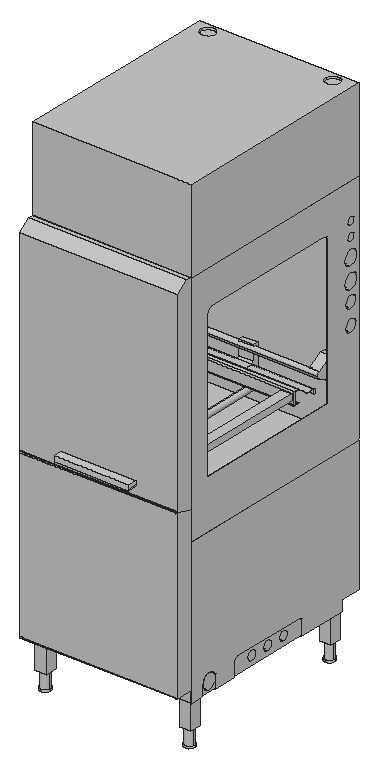
Revit family "QF_ELECTROLUXPROFESSIONAL_535131_NMPWDRE6M", category Specialty Equipment, Revit 2018
Family settings
  Round Connector Dimension = Use Diameter
  Part Type = Normal
  Work Plane-Based = No
  Always vertical = Yes
  Cut with Voids When Loaded = No
  Shared = No
  Room Calculation Point = No
Parameters (values of type "NMPWDRE5")
  Weight = 104.00 kg
  Watts = 0 W
  Volts = 0 V
  URL Manufacturer = ""
  URL = "http://professional.electrolux.com"
  Steam Supply Size = 0 mm
  Steam Supply Minimum Pressure = 0.0 Pa
  Steam Supply Maximum Pressure = 0.0 Pa
  Steam Pounds per Hour = 0
  Show Logo [instance] = yes
  Refrigeration Suction Line Size = 0 mm
  Refrigeration Liquid Line Size = 0 mm
  Refrigerant Compressor Remote = yes
  R_L [instance] = not(L_R)  # no
  Manufacturer = "Electrolux"
  Phase = 0
  Model = "ESR10E5"
  Length Actual = 560 mm  # constant formula
  Show Clearance [instance] = yes
  L_R [instance] = yes
  Item Number = ""
  Hot Water Size = 0 mm
  Height Actual = 1785 mm  # constant formula
  HP = "9.9 HP"
  Gas Size = 0 mm
  Gas KW = 0
  Gas Input Pressure = 0 W
  Direct Waste Size = 50 mm
  Description = "SINGLE RINSE RT, 100R/H, ELECTRIC 50HZ"
  Depth Actual = 825 mm  # constant formula
  DRAIN [instance] = if(L_R, 0 mm, 638 mm)  # 0 mm
  Cycle = 0 Hz
  Condensate Return Size = 0 mm
  Compressed Air Volume = 0.0 L/s
  Compressed Air Size = 0 mm
  Compressed Air Pressure = 0.0 Pa
  Cold Water Size = 0 mm
  Accessory = yes
Types (2, lengths in mm): name | Volts | URL Manufacturer | URL | Manufacturer | Phase | Model | Item Number | Hot Water Size | Description | Cycle | Cold Water Size
  NMPWDRE5 | 0 V | "" | "http://professional.electrolux.com" | "Electrolux" | 0 | "ESR10E5" | "" | 0 | "SINGLE RINSE RT, 100R/H, ELECTRIC 50HZ" | 0 Hz | 0
  Standard | 440 V | "http://professional.electrolux.com/" | "http://professional.electrolux.com/" | "Electrolux Professional" | 3 | "NMPWDRE6M" | "535131" | 19.05 | "MEDIUM PRE-WASH MODULE, DUAL RINSE RT, ELECTRIC, 440V/ 3/ 60Hz-MARINE" | 60 Hz | 19.05
Reference planes
  plane 1 "Center X": y = -16.742
  plane 2: z = 0
  plane 3 "1": x = -383.563
  plane 4 "2": x = 176.437
  plane 5 "BACK": y = 388.258
  plane 6 "FEET": z = 150
  plane 7: z = 2095
  plane 8 "BASE": z = 187
  plane 9 "TOP": z = 1785
  plane 10 "FRONT": y = -408.742
  plane 11: y = 311.258
  plane 12 "LEFT": x = -423.563
  plane 13 "RIGHT": x = 216.437
  plane 14 "DRAIN": x = -423.563
Forms (mm)
  Extrusion 1, solid, material "QF_Finishes_Stainless Steel"
    sketch origin (176.437, 479.936, 4000) x (0, 1, 0) y (0, 0, 1)
      loop
        line (-96.678, -2215) -> (-828.678, -2215) -> (-828.678, -2507) -> (-96.678, -2507) -> (-96.678, -2215)
    from -560 to 0
  Extrusion 2, solid, material "QF_Finishes_Stainless Steel"
    sketch origin (-383.563, 437.565, 4000) x (0, 1, 0) y (0, 0, 1)
      loop
        line (-54.307, -2507) -> (-786.307, -2507) -> (-786.307, -3850) -> (-126.307, -3850) -> (-126.307, -3812) -> (-54.307, -3812) -> (-54.307, -2507)
      loop
        line (-129.307, -2557) -> (-769.307, -2557) -> (-769.307, -3290) -> (-129.307, -3290) -> (-129.307, -2557)
    from 557 to 3
  Extrusion 3, solid, material "QF_Finishes_Stainless Steel"
    sketch origin (-383.563, 437.565, 4000) x (0, 1, 0) y (0, 0, 1)
      loop
        line (-59.307, -3342) -> (-781.307, -3342)
        arc (-781.307, -3342) -> (-784.843, -3343.464) -> (-786.307, -3347) r 5
        line (-786.307, -3347) -> (-786.307, -3850) -> (-741.307, -3850) -> (-741.307, -3813)
        arc (-741.307, -3813) -> (-711.307, -3783) -> (-681.307, -3813) r 30
        line (-681.307, -3813) -> (-681.307, -3850) -> (-602.807, -3850) -> (-602.807, -3803)
        arc (-602.807, -3803) -> (-598.414, -3792.393) -> (-587.807, -3788) r 15
        line (-587.807, -3788) -> (-317.807, -3788)
        arc (-317.807, -3788) -> (-307.201, -3792.393) -> (-302.807, -3803) r 15
        line (-302.807, -3803) -> (-302.807, -3850) -> (-126.307, -3850) -> (-126.307, -3812) -> (-54.307, -3812) -> (-54.307, -3347)
        arc (-54.307, -3347) -> (-55.772, -3343.464) -> (-59.307, -3342) r 5
    from 0 to 3
  Extrusion 4, solid, material "QF_Finishes_Stainless Steel"
    sketch origin (176.437, 479.936, 4000) x (0, 1, 0) y (0, 0, 1)
      loop
        line (-96.678, -2507) -> (-828.678, -2507) -> (-828.678, -3335)
        arc (-828.678, -3335) -> (-827.214, -3338.536) -> (-823.678, -3340) r 5
        line (-823.678, -3340) -> (-101.678, -3340)
        arc (-101.678, -3340) -> (-98.142, -3338.536) -> (-96.678, -3335) r 5
        line (-96.678, -3335) -> (-96.678, -2507)
      loop
        line (-248.879, -2635) -> (-744.477, -2635)
        arc (-744.477, -2635) -> (-756.64, -2640.038) -> (-761.678, -2652.201) r 17.201
        line (-761.678, -2652.201) -> (-761.678, -3167.258) -> (-231.678, -3167.258) -> (-231.678, -2652.201)
        arc (-231.678, -2652.201) -> (-236.716, -2640.038) -> (-248.879, -2635) r 17.201
    from -3 to 0
  Extrusion 5, solid, material "QF_Finishes_Stainless Steel"
    sketch origin (176.437, 479.936, 4000) x (0, 1, 0) y (0, 0, 1)
      loop
        line (-101.678, -3342) -> (-823.678, -3342)
        arc (-823.678, -3342) -> (-827.214, -3343.464) -> (-828.678, -3347) r 5
        line (-828.678, -3347) -> (-828.678, -3850) -> (-783.678, -3850) -> (-783.678, -3813)
        arc (-783.678, -3813) -> (-753.678, -3783) -> (-723.678, -3813) r 30
        line (-723.678, -3813) -> (-723.678, -3850) -> (-645.178, -3850) -> (-645.178, -3803)
        arc (-645.178, -3803) -> (-640.785, -3792.393) -> (-630.178, -3788) r 15
        line (-630.178, -3788) -> (-360.178, -3788)
        arc (-360.178, -3788) -> (-349.571, -3792.393) -> (-345.178, -3803) r 15
        line (-345.178, -3803) -> (-345.178, -3850) -> (-168.678, -3850) -> (-168.678, -3812) -> (-96.678, -3812) -> (-96.678, -3347)
        arc (-96.678, -3347) -> (-98.142, -3343.464) -> (-101.678, -3342) r 5
    from -3 to 0
  Extrusion 6, void
    sketch origin (0, 0, 1785) x (1, 0, 0) y (0, -1, 0)
      loop
        circle (-323.563, -347.258) r 25
    from 0 to 5
  Extrusion 7, solid, material "QF_Finishes_Stainless Steel"
    sketch origin (-383.563, 437.565, 4000) x (0, 1, 0) y (0, 0, 1)
      loop
        circle (-89.376, -2635.001) r 12
      loop
        circle (-89.376, -2685.001) r 12
      loop
        circle (-89.376, -2750.001) r 25
      loop
        circle (-89.376, -2825.001) r 25
      loop
        circle (-89.376, -2890.001) r 20
      loop
        circle (-89.376, -2965.001) r 20
    from 0 to 3
  Extrusion 8, void
    sketch origin (-383.563, 437.565, 4000) x (0, 1, 0) y (0, 0, 1)
      loop
        circle (-89.376, -2635.001) r 14
      loop
        circle (-89.376, -2685.001) r 14
      loop
        circle (-89.376, -2750.001) r 27
      loop
        circle (-89.376, -2825.001) r 27
      loop
        circle (-89.376, -2890.001) r 22
      loop
        circle (-89.376, -2965.001) r 22
    from 0 to 3
  Extrusion 9, solid, material "QF_Finishes_Stainless Steel"
    sketch origin (-383.563, 437.565, 4000) x (0, 1, 0) y (0, 0, 1)
      loop
        circle (-454.307, -3813) r 15
      loop
        circle (-524.307, -3813) r 15
      loop
        circle (-384.307, -3813) r 15
    from 0 to 3
  Extrusion 10, solid, material "QF_Finishes_Stainless Steel"
    sketch origin (-383.563, 437.565, 4000) x (0, 1, 0) y (0, 0, 1)
      loop
        circle (-711.307, -3813) r 25
    from 0 to 3
  Extrusion 11, solid, material "QF_Finishes_Stainless Steel"
    sketch origin (176.437, 479.936, 4000) x (0, 1, 0) y (0, 0, 1)
      loop
        circle (-496.678, -3813) r 15
      loop
        circle (-566.678, -3813) r 15
      loop
        circle (-426.678, -3813) r 15
    from 0 to -3
  Extrusion 12, solid, material "QF_Finishes_Stainless Steel"
    sketch origin (176.437, 479.936, 4000) x (0, 1, 0) y (0, 0, 1)
      loop
        circle (-753.678, -3813) r 25
    from 0 to -3
  Extrusion 13, solid, material "QF_Finishes_Stainless Steel"
    sketch origin (-383.563, 437.565, 4000) x (0, 1, 0) y (0, 0, 1)
      loop
        line (-54.307, -2507) -> (-786.307, -2507) -> (-786.307, -3335)
        arc (-786.307, -3335) -> (-784.843, -3338.536) -> (-781.307, -3340) r 5
        line (-781.307, -3340) -> (-59.307, -3340)
        arc (-59.307, -3340) -> (-55.772, -3338.536) -> (-54.307, -3335) r 5
        line (-54.307, -3335) -> (-54.307, -2507)
      loop
        line (-206.509, -2635) -> (-702.106, -2635)
        arc (-702.106, -2635) -> (-714.269, -2640.038) -> (-719.307, -2652.201) r 17.201
        line (-719.307, -2652.201) -> (-719.307, -3167.258) -> (-189.307, -3167.258) -> (-189.307, -2652.201)
        arc (-189.307, -2652.201) -> (-194.345, -2640.038) -> (-206.509, -2635) r 17.201
    from 3 to 0
  Extrusion 14, void
    sketch origin (176.437, 479.936, 4000) x (0, -1, 0) y (0, 0, 1)
      loop
        circle (131.746, -2635.001) r 14
      loop
        circle (131.746, -2685.001) r 14
      loop
        circle (131.746, -2750.001) r 27
      loop
        circle (131.746, -2825.001) r 27
      loop
        circle (131.746, -2890.001) r 22
      loop
        circle (131.746, -2965.001) r 22
    from 0 to 2
  Extrusion 15, solid, material "QF_Finishes_Stainless Steel"
    sketch origin (176.437, 479.936, 4000) x (0, 1, 0) y (0, 0, 1)
      loop
        circle (-131.746, -2635.001) r 12
      loop
        circle (-131.746, -2685.001) r 12
      loop
        circle (-131.746, -2750.001) r 25
      loop
        circle (-131.746, -2825.001) r 25
      loop
        circle (-131.746, -2890.001) r 20
      loop
        circle (-131.746, -2965.001) r 20
    from 0 to -2
  Extrusion 16, solid, material "QF_Finishes_Stainless Steel", visible <- "L_R"
    sketch origin (-383.563, 437.565, 4000) x (0, 1, 0) y (0, 0, 1)
      loop
        circle (-711.307, -3813) r 25
    from 0 to -38
  Extrusion 17, solid, material "QF_Finishes_Stainless Steel", visible <- "R_L"
    sketch origin (176.437, 479.936, 4000) x (0, 1, 0) y (0, 0, 1)
      loop
        circle (-753.678, -3813) r 25
    from 0 to 38
  Extrusion 18, solid, material "QF_Finishes_Stainless Steel"
    sketch origin (-423.563, 0, 0) x (0, 1, 0) y (0, 0, 1)
      loop
        circle (-273.742, 187) r 25
    from 0 to 2
  Extrusion 19, void
    sketch origin (0, 0, 1785) x (1, 0, 0) y (0, -1, 0)
      loop
        circle (114.437, -347.258) r 25
    from 0 to 5
  Extrusion 20, solid, material "QF_Clearance", detail levels coarse
    sketch origin (556.437, -74.242, 0) x (1, 0, 0) y (0, 1, 0)
      loop
        line (-940, 462.5) -> (-380, 462.5) -> (-380, 512.5) -> (-940, 512.5) -> (-940, 462.5)
    from -100 to 1785
Cuts and joins
  Extrusion 6, Extrusion 19 cuts Extrusion 1
  Extrusion 6, Extrusion 14, Extrusion 19 cuts Extrusion 2
  Extrusion 8, Extrusion 14 cuts Extrusion 13
  Extrusion 14 cuts Extrusion 7
  Extrusion 14 cuts Extrusion 4
Lines and regions (mm)
  symbolic lines
    curve 1: line (-383.563, 383.258, 0) -> (176.437, 383.258, 0)
    curve 2: line (-383.563, -348.742, 0) -> (-383.563, 383.258, 0)
    curve 3: line (176.437, -348.742, 0) -> (-383.563, -348.742, 0)
    curve 4: line (176.437, 383.258, 0) -> (176.437, -348.742, 0)
    curve 7: circle (-323.563, 347.258, 0) r 25 normal (0, 0, 1)
    curve 8: line (-383.563, 383.258, 0) -> (176.437, -348.742, 0)
    curve 15: line (-383.563, -16.742, 0) -> (-358.563, -16.742, 0)
    curve 16: line (176.437, -16.742, 0) -> (151.437, -16.742, 0)
    curve 17: circle (114.437, 347.258, 0) r 25 normal (0, 0, -1)
  symbolic lines, style "SpecialityEquipment"
    curve 5: line (176.437, -281.742, 0) -> (-383.563, -281.742, 0)
    curve 6: line (-383.563, 308.258, 0) -> (176.437, 308.258, 0)
  symbolic lines, style "SpecialityEquipmentHiddenLines", visible <- "L_R"
    curve 9: line (-423.563, -248.742, 0) -> (-423.563, -298.742, 0)
    curve 10: line (-423.563, -248.742, 0) -> (-383.563, -248.742, 0)
    curve 11: line (-423.563, -298.742, 0) -> (-383.563, -298.742, 0)
  symbolic lines, style "SpecialityEquipmentHiddenLines", visible <- "R_L"
    curve 12: line (216.437, -298.742, 0) -> (216.437, -248.742, 0)
    curve 13: line (216.437, -248.742, 0) -> (176.437, -248.742, 0)
    curve 14: line (216.437, -298.742, 0) -> (176.437, -298.742, 0)
  symbolic lines, style "QF_Clearances"
    curve 18: line (-383.563, 438.258, 0) -> (176.437, 438.258, 0)
Dimensions and locks
  plane 3 "1" to plane 4 "2" = 560 mm
  plane 5 "BACK" to plane 1 "Center X" to plane 10 "FRONT" = 405 mm, 392 mm
  plane 6 "FEET" to level = 150 mm
  Extrusion 3 to plane 3 "1" = 3 mm
  plane 4 "2" to Extrusion 5 = 3 mm
  plane 6 "FEET" to plane 9 "TOP" = 1635 mm
  plane 5 "BACK" to plane 10 "FRONT" = 797 mm  (x2)
  plane 3 "1" to Extrusion 6 sketch curve = 60 mm
  plane 5 "BACK" to Extrusion 6 sketch curve = 41 mm
  plane 4 "2" to plane 3 "1" = 560 mm
  nested 1 to nested 4 to nested 4 to nested 4 = 732 mm, 60 mm, 30 mm
  "DRAIN": plane 12 "LEFT" to plane 14 "DRAIN"
  aligned and locked: level to plane 2
Automatic sketch dimensions
  plane 9 "TOP" to Extrusion 1 sketch curve = 0 mm
  plane 10 "FRONT" to Extrusion 1 sketch curve = 60 mm
  Extrusion 1 sketch curve to plane 5 "BACK" = 5 mm
  Extrusion 1 sketch curve to Extrusion 1 sketch curve = 292 mm
  Extrusion 2 sketch curve to plane 6 "FEET" = 0 mm
  Extrusion 2 sketch curve to plane 11 = 0 mm
  plane 11 to Extrusion 2 sketch curve = 3 mm
  plane 10 "FRONT" to Extrusion 2 sketch curve = 77 mm
  Extrusion 2 sketch curve to Extrusion 2 sketch curve = 17 mm
  plane 8 "BASE" to Extrusion 2 sketch curve = 1 mm
  Extrusion 2 sketch curve to plane 5 "BACK" = 5 mm
  Extrusion 2 sketch curve to Extrusion 2 sketch curve = 522 mm
  plane 9 "TOP" to Extrusion 2 sketch curve = 342 mm
  Extrusion 2 sketch curve to Extrusion 2 sketch curve = 50 mm
  Extrusion 3 sketch curve to plane 6 "FEET" = 0 mm  (x3)
  Extrusion 3 sketch curve to plane 8 "BASE" = 0 mm
  Extrusion 3 sketch curve to plane 11 = 0 mm
  plane 8 "BASE" to Extrusion 3 sketch curve = 10 mm  (x2)
  Extrusion 3 sketch curve to plane 1 "Center X" = 151.5 mm
  Extrusion 3 sketch curve to Extrusion 3 sketch curve = 15 mm
  plane 1 "Center X" to Extrusion 3 sketch curve = 133.5 mm
  Extrusion 3 sketch curve to Extrusion 3 sketch curve = 78.5 mm
  Extrusion 3 sketch curve to Extrusion 3 sketch curve = 30 mm
  plane 10 "FRONT" to Extrusion 3 sketch curve = 65 mm
  Extrusion 3 sketch curve to Extrusion 3 sketch curve = 5 mm
  Extrusion 3 sketch curve to plane 5 "BACK" = 10 mm
  Extrusion 3 sketch curve to plane 5 "BACK" = 5 mm
  plane 8 "BASE" to Extrusion 3 sketch curve = 1 mm
  Extrusion 3 sketch curve to Extrusion 3 sketch curve = 465 mm
  plane 10 "FRONT" to Extrusion 4 sketch curve = 60 mm
  Extrusion 4 sketch curve to Extrusion 4 sketch curve = 5 mm
  plane 10 "FRONT" to Extrusion 4 sketch curve = 127 mm
  Extrusion 4 sketch curve to Extrusion 4 sketch curve = 17.201 mm  (x2)
  plane 11 to Extrusion 4 sketch curve = 80.201 mm
  plane 11 to Extrusion 4 sketch curve = 63 mm
  Extrusion 4 sketch curve to plane 5 "BACK" = 10 mm
  Extrusion 4 sketch curve to plane 5 "BACK" = 5 mm
  plane 8 "BASE" to Extrusion 4 sketch curve = 473 mm
  Extrusion 4 sketch curve to Extrusion 4 sketch curve = 167.742 mm
  plane 9 "TOP" to Extrusion 4 sketch curve = 437.201 mm
  Extrusion 4 sketch curve to Extrusion 4 sketch curve = 0 mm
  Extrusion 4 sketch curve to Extrusion 4 sketch curve = 145.201 mm
  Extrusion 5 sketch curve to plane 6 "FEET" = 0 mm  (x3)
  Extrusion 5 sketch curve to plane 8 "BASE" = 0 mm
  Extrusion 5 sketch curve to plane 11 = 0 mm
  plane 8 "BASE" to Extrusion 5 sketch curve = 10 mm  (x2)
  Extrusion 5 sketch curve to plane 1 "Center X" = 151.5 mm
  Extrusion 5 sketch curve to Extrusion 5 sketch curve = 15 mm
  plane 1 "Center X" to Extrusion 5 sketch curve = 133.5 mm
  Extrusion 5 sketch curve to Extrusion 5 sketch curve = 78.5 mm
  Extrusion 5 sketch curve to Extrusion 5 sketch curve = 30 mm
  plane 10 "FRONT" to Extrusion 5 sketch curve = 65 mm
  Extrusion 5 sketch curve to Extrusion 5 sketch curve = 5 mm
  Extrusion 5 sketch curve to plane 5 "BACK" = 10 mm
  Extrusion 5 sketch curve to plane 5 "BACK" = 5 mm
  plane 8 "BASE" to Extrusion 5 sketch curve = 1 mm
  Extrusion 5 sketch curve to Extrusion 5 sketch curve = 465 mm
  Extrusion 7 sketch curve to plane 11 = 36.932 mm  (x6)
  plane 9 "TOP" to Extrusion 7 sketch curve = 750.001 mm
  Extrusion 7 sketch curve to Extrusion 7 sketch curve = 75 mm  (x2)
  Extrusion 7 sketch curve to Extrusion 7 sketch curve = 65 mm  (x2)
  Extrusion 7 sketch curve to Extrusion 7 sketch curve = 50 mm
  Extrusion 8 sketch curve to plane 11 = 36.932 mm  (x6)
  plane 9 "TOP" to Extrusion 8 sketch curve = 750.001 mm
  Extrusion 8 sketch curve to Extrusion 8 sketch curve = 75 mm  (x2)
  Extrusion 8 sketch curve to Extrusion 8 sketch curve = 65 mm  (x2)
  Extrusion 8 sketch curve to Extrusion 8 sketch curve = 50 mm
  Extrusion 9 sketch curve to plane 8 "BASE" = 0 mm  (x3)
  Extrusion 9 sketch curve to plane 1 "Center X" = 0 mm
  Extrusion 9 sketch curve to Extrusion 9 sketch curve = 70 mm
  Extrusion 9 sketch curve to plane 1 "Center X" = 70 mm
  Extrusion 10 sketch curve to plane 8 "BASE" = 0 mm
  plane 10 "FRONT" to Extrusion 10 sketch curve = 135 mm
  Extrusion 11 sketch curve to plane 8 "BASE" = 0 mm  (x3)
  Extrusion 11 sketch curve to plane 1 "Center X" = 0 mm
  Extrusion 11 sketch curve to Extrusion 11 sketch curve = 70 mm
  Extrusion 11 sketch curve to plane 1 "Center X" = 70 mm
  Extrusion 12 sketch curve to plane 8 "BASE" = 0 mm
  plane 10 "FRONT" to Extrusion 12 sketch curve = 135 mm
  plane 10 "FRONT" to Extrusion 13 sketch curve = 60 mm
  Extrusion 13 sketch curve to Extrusion 13 sketch curve = 5 mm
  plane 10 "FRONT" to Extrusion 13 sketch curve = 127 mm
  Extrusion 13 sketch curve to Extrusion 13 sketch curve = 17.201 mm  (x2)
  plane 11 to Extrusion 13 sketch curve = 80.201 mm
  plane 11 to Extrusion 13 sketch curve = 63 mm
  Extrusion 13 sketch curve to plane 5 "BACK" = 10 mm
  Extrusion 13 sketch curve to plane 5 "BACK" = 5 mm
  plane 8 "BASE" to Extrusion 13 sketch curve = 473 mm
  Extrusion 13 sketch curve to Extrusion 13 sketch curve = 167.742 mm
  plane 9 "TOP" to Extrusion 13 sketch curve = 437.201 mm
  Extrusion 13 sketch curve to Extrusion 13 sketch curve = 0 mm
  Extrusion 13 sketch curve to Extrusion 13 sketch curve = 145.201 mm
  Extrusion 14 sketch curve to plane 11 = 36.932 mm  (x6)
  plane 9 "TOP" to Extrusion 14 sketch curve = 750.001 mm
  Extrusion 14 sketch curve to Extrusion 14 sketch curve = 75 mm  (x2)
  Extrusion 14 sketch curve to Extrusion 14 sketch curve = 65 mm  (x2)
  Extrusion 14 sketch curve to Extrusion 14 sketch curve = 50 mm
  Extrusion 15 sketch curve to plane 11 = 36.932 mm  (x6)
  plane 9 "TOP" to Extrusion 15 sketch curve = 750.001 mm
  Extrusion 15 sketch curve to Extrusion 15 sketch curve = 75 mm  (x2)
  Extrusion 15 sketch curve to Extrusion 15 sketch curve = 65 mm  (x2)
  Extrusion 15 sketch curve to Extrusion 15 sketch curve = 50 mm
  Extrusion 16 sketch curve to plane 8 "BASE" = 0 mm
  plane 10 "FRONT" to Extrusion 16 sketch curve = 135 mm
  Extrusion 17 sketch curve to plane 8 "BASE" = 0 mm
  plane 10 "FRONT" to Extrusion 17 sketch curve = 135 mm
  Extrusion 18 sketch curve to plane 8 "BASE" = 0 mm
  plane 10 "FRONT" to Extrusion 18 sketch curve = 135 mm
  Extrusion 19 sketch curve to plane 4 "2" = 62 mm
  Extrusion 19 sketch curve to plane 11 = 36 mm
  Extrusion 20 sketch curve to plane 3 "1" = 0 mm
  plane 5 "BACK" to Extrusion 20 sketch curve = 50 mm
  Extrusion 20 sketch curve to plane 13 "RIGHT" = 40 mm
  plane 5 "BACK" to Extrusion 20 sketch curve = 0 mm
  curve 10 to plane 12 "LEFT" = 0 mm
  curve 15 to plane 3 "1" = 0 mm
  curve 18 to plane 3 "1" = 0 mm
  plane 1 "Center X" to curve 16 = 0 mm
  curve 4 to plane 4 "2" = 0 mm
  curve 18 to plane 4 "2" = 0 mm
  curve 12 to plane 13 "RIGHT" = 0 mm
  plane 3 "1" to curve 7 = 60 mm
  curve 17 to plane 4 "2" = 62 mm
  plane 10 "FRONT" to curve 12 = 160 mm
  plane 10 "FRONT" to curve 10 = 160 mm
  curve 12 to curve 12 = 50 mm
  curve 11 to curve 9 = 50 mm
  curve 4 to curve 14 = 50 mm
  curve 17 to plane 11 = 36 mm
  curve 7 to plane 11 = 36 mm
  curve 4 to plane 5 "BACK" = 5 mm
  curve 15 to plane 1 "Center X" = 0 mm
  curve 15 to curve 15 = 25 mm
  curve 16 to curve 16 = 25 mm
  curve 11 to curve 5 = 17 mm
  plane 11 to curve 6 = 3 mm
  plane 5 "BACK" to curve 18 = 50 mm
  radius of Extrusion 7 sketch curve = 12 mm  (x2)
  radius of Extrusion 7 sketch curve = 25 mm  (x2)
  radius of Extrusion 7 sketch curve = 20 mm  (x2)
  radius of Extrusion 8 sketch curve = 14 mm  (x2)
  radius of Extrusion 8 sketch curve = 27 mm  (x2)
  radius of Extrusion 8 sketch curve = 22 mm  (x2)
  radius of Extrusion 9 sketch curve = 15 mm  (x3)
  radius of Extrusion 10 sketch curve = 25 mm
  radius of Extrusion 11 sketch curve = 15 mm  (x3)
  radius of Extrusion 12 sketch curve = 25 mm
  radius of Extrusion 14 sketch curve = 14 mm  (x2)
  radius of Extrusion 14 sketch curve = 27 mm  (x2)
  radius of Extrusion 14 sketch curve = 22 mm  (x2)
  radius of Extrusion 15 sketch curve = 12 mm  (x2)
  radius of Extrusion 15 sketch curve = 25 mm  (x2)
  radius of Extrusion 15 sketch curve = 20 mm  (x2)
  radius of Extrusion 16 sketch curve = 25 mm
  radius of Extrusion 17 sketch curve = 25 mm
  radius of Extrusion 18 sketch curve = 25 mm
  radius of Extrusion 6 sketch curve = 25 mm
  radius of Extrusion 19 sketch curve = 25 mm
  radius of curve 7 = 25 mm
  radius of curve 17 = 25 mm
Nested families
  nested 1: "Basket_Guide+Wash_Arm_22''" at (-513, 0, 0), type "Basket_Guide+Wash_Arm_22''"
  nested 2: "Foot_40x40_H150" at (-357.563, -326.742, 0) x (-1, 0, 0) z (0, 0, 1), type "Foot_40x40_H150"
  nested 3: "Foot_40x40_H150" at (-357.563, 289.258, 0) x (-1, 0, 0) z (0, 0, 1), type "Foot_40x40_H150"
  nested 4: "Door_22''" at (-454, 0, 0), Show Clearance <- "Show Clearance", type "Door_22''"
  nested 5: "Foot_40x40_H150" at (150.437, -326.742, 0), type "Foot_40x40_H150"
  nested 6: "Foot_40x40_H150" at (150.437, 289.258, 0), type "Foot_40x40_H150"
Connectors
  piping at (-423.563, -273.742, 187), diameter 50
    settings: on Extrusion 18, index 1, connector inside diameter 609.6 mm, connector length 0 mm, flow factor 0, pipe flow 0.0 L/s, pressure drop 0.0 Pa, fitting loss kfactor 0, connector angle 0.00°, fixture units 0, engagement length 0 mm, angle of deflection 0.00°, flow configuration 0, flow direction 2, fitting loss method 0, system type 16, joint type 0, gender type 0, connector reference index -1, connector utility 0, adjustable connector no, is connector primary yes, connector description "DRAIN"
Definition of nested family "Basket_Guide+Wash_Arm_22''"
  Reference planes
    plane 1: z = 0
    plane 2 "Center Y": x = 409.437
    plane 3 "LEFT": x = 130.437
    plane 4 "BACK": y = 383.258
    plane 5 "FRONT": y = -408.742
    plane 6: z = 150
    plane 7 "TOP": z = 1785
    plane 8: z = 875
    plane 9 "RIGHT": x = 688.437
  Forms (mm)
    Extrusion 1, solid
      sketch origin (243.437, -18.984, 0) x (0, -1, 0) y (0, 0, 1)
        loop
          line (264.703, 929.245) -> (264.703, 907.554) -> (312.758, 879.81) -> (312.758, 956.99) -> (264.703, 929.245)
        loop
          line (-259.187, 929.245) -> (-307.242, 956.99) -> (-327.242, 956.99) -> (-327.242, 879.81) -> (-307.242, 879.81) -> (-259.187, 907.554) -> (-259.187, 929.245)
      from -424 to -388
    Extrusion 2, solid
      sketch origin (293.437, -18.984, 0) x (0, -1, 0) y (0, 0, 1)
        loop
          circle (264.703, 918.4) r 10
        loop
          circle (-259.187, 918.4) r 10
      from -374 to 142
    Extrusion 3, solid
      sketch origin (293.437, -18.984, 0) x (0, -1, 0) y (0, 0, 1)
        loop
          line (-252.564, 858) -> (-252.564, 870.68)
          arc (-252.564, 870.68) -> (-251.884, 872.32) -> (-250.244, 873) r 2.32
          line (-250.244, 873) -> (-222.564, 873) -> (-222.564, 875) -> (-250.244, 875)
          arc (-250.244, 875) -> (-253.299, 873.735) -> (-254.564, 870.68) r 4.32
          line (-254.564, 870.68) -> (-254.564, 858) -> (-252.564, 858)
        loop
          line (258.08, 858) -> (260.08, 858) -> (260.08, 870.68)
          arc (260.08, 870.68) -> (258.815, 873.735) -> (255.76, 875) r 4.32
          line (255.76, 875) -> (228.08, 875) -> (228.08, 873) -> (255.76, 873)
          arc (255.76, 873) -> (257.401, 872.32) -> (258.08, 870.68) r 2.32
          line (258.08, 870.68) -> (258.08, 858)
      from -360 to 128
    Extrusion 4, solid
      sketch origin (293.437, -18.984, 0) x (0, -1, 0) y (0, 0, 1)
        loop
          arc (-216.187, 825.32) -> (-216.866, 823.679) -> (-218.507, 823) r 2.32
          line (-218.507, 823) -> (-236.187, 823) -> (-236.187, 821) -> (-218.507, 821)
          arc (-218.507, 821) -> (-215.452, 822.265) -> (-214.187, 825.32) r 4.32
          line (-214.187, 825.32) -> (-214.187, 861.68)
          arc (-214.187, 861.68) -> (-215.452, 864.735) -> (-218.507, 866) r 4.32
          line (-218.507, 866) -> (-236.187, 866) -> (-236.187, 864) -> (-218.507, 864)
          arc (-218.507, 864) -> (-216.866, 863.32) -> (-216.187, 861.68) r 2.32
          line (-216.187, 861.68) -> (-216.187, 825.32)
        loop
          line (221.703, 825.32) -> (221.703, 861.68)
          arc (221.703, 861.68) -> (222.383, 863.32) -> (224.023, 864) r 2.32
          line (224.023, 864) -> (241.703, 864) -> (241.703, 866) -> (224.023, 866)
          arc (224.023, 866) -> (220.969, 864.735) -> (219.703, 861.68) r 4.32
          line (219.703, 861.68) -> (219.703, 825.32)
          arc (219.703, 825.32) -> (220.969, 822.265) -> (224.023, 821) r 4.32
          line (224.023, 821) -> (241.703, 821) -> (241.703, 823) -> (224.023, 823)
          arc (224.023, 823) -> (222.383, 823.679) -> (221.703, 825.32) r 2.32
      from -320 to 88
    Extrusion 5, solid
      sketch origin (575.437, -18.984, 0) x (0, -1, 0) y (0, 0, 1)
        loop
          line (264.703, 929.245) -> (264.703, 907.554) -> (312.758, 879.81) -> (312.758, 956.99) -> (264.703, 929.245)
        loop
          line (-259.187, 929.245) -> (-307.242, 956.99) -> (-327.242, 956.99) -> (-327.242, 879.81) -> (-307.242, 879.81) -> (-259.187, 907.554) -> (-259.187, 929.245)
      from 424 to 388
    Extrusion 6, solid
      sketch origin (243.437, -18.984, 0) x (0, -1, 0) y (0, 0, 1)
        loop
          line (219.703, 858) -> (-214.187, 858) -> (-214.187, 836) -> (219.703, 836) -> (219.703, 858)
      from -360 to -325
    Extrusion 7, solid
      sketch origin (575.437, -18.984, 0) x (0, -1, 0) y (0, 0, 1)
        loop
          line (219.703, 858) -> (-214.187, 858) -> (-214.187, 836) -> (219.703, 836) -> (219.703, 858)
      from 360 to 325
    Extrusion 8, solid
      sketch origin (409.437, 308.258, 1443) x (0, 0, 1) y (-1, 0, 0)
        loop
          line (-650.516, 7.5) -> (-663.507, 15) -> (-676.497, 7.5) -> (-676.497, -7.5) -> (-663.507, -15) -> (-650.516, -7.5) -> (-650.516, 7.5)
        loop
          line (-22.01, 7.5) -> (-35, 15) -> (-47.99, 7.5) -> (-47.99, -7.5) -> (-35, -15) -> (-22.01, -7.5) -> (-22.01, 7.5)
      from 0 to 30
    Extrusion 9, solid
      sketch origin (409.437, 278.258, 1443) x (0, 0, 1) y (-1, 0, 0)
        loop
          circle (-663.507, 0) r 10
        loop
          circle (-35, 0) r 10
      from 0 to 537.443
    Extrusion 10, solid
      sketch origin (409.437, -38.984, 0) x (0, -1, 0) y (0, 0, 1)
        loop
          line (244.703, 880.8) -> (236.703, 872.8) -> (221.703, 872.8) -> (221.703, 855.89) -> (201.703, 855.89) -> (201.703, 833.698) -> (238.1, 833.698) -> (209.284, 804.882) -> (200.502, 763.596) -> (201.48, 763.388) -> (210.201, 804.385) -> (262.124, 856.308) -> (262.124, 933.4) -> (244.703, 933.4) -> (244.703, 880.8)
        loop
          line (-279.187, 880.8) -> (-279.187, 933.4) -> (-296.608, 933.4) -> (-296.608, 856.308) -> (-273.998, 833.698) -> (-236.187, 833.698) -> (-236.187, 855.89) -> (-256.187, 855.89) -> (-256.187, 872.8) -> (-271.187, 872.8) -> (-279.187, 880.8)
        loop
          line (220.202, 1443) -> (218.202, 1443) -> (218.202, 1420.7) -> (195.852, 1381.988) -> (197.584, 1380.988) -> (220.202, 1420.164) -> (220.202, 1443)
      from -25 to 25
  Cuts and joins
    joined: Extrusion 1, Extrusion 2, Extrusion 3, Extrusion 4, Extrusion 5, Extrusion 6, Extrusion 7, Extrusion 8, Extrusion 9, Extrusion 10
  Dimensions and locks
    plane 3 "LEFT" to plane 9 "RIGHT" = 558 mm
    equal spacing: plane 3 "LEFT", plane 2 "Center Y", plane 9 "RIGHT", locked at 279 each
    plane 7 "TOP" to plane 6 to level = 1635 mm, 150 mm
    plane 4 "BACK" to plane 5 "FRONT" = 792 mm
    aligned and locked: level to plane 1
  Automatic sketch dimensions
    plane 8 to Extrusion 1 sketch curve = 4.81 mm  (x2)
    Extrusion 1 sketch curve to plane 4 "BACK" = 75 mm
    Extrusion 1 sketch curve to Extrusion 1 sketch curve = 20 mm  (x2)
    Extrusion 1 sketch curve to Extrusion 1 sketch curve = 48.055 mm  (x2)
    plane 8 to Extrusion 1 sketch curve = 32.554 mm  (x2)
    plane 5 "FRONT" to Extrusion 1 sketch curve = 125.055 mm
    Extrusion 1 sketch curve to Extrusion 1 sketch curve = 21.691 mm  (x2)
    Extrusion 1 sketch curve to Extrusion 1 sketch curve = 27.745 mm  (x2)
    plane 8 to Extrusion 2 sketch curve = 43.4 mm  (x2)
    Extrusion 2 sketch curve to plane 4 "BACK" = 143.055 mm
    plane 5 "FRONT" to Extrusion 2 sketch curve = 125.055 mm
    Extrusion 3 sketch curve to Extrusion 3 sketch curve = 0 mm  (x4)
    Extrusion 3 sketch curve to plane 8 = 0 mm  (x2)
    Extrusion 3 sketch curve to plane 8 = 4.32 mm  (x2)
    Extrusion 3 sketch curve to plane 4 "BACK" = 147.678 mm
    Extrusion 3 sketch curve to Extrusion 3 sketch curve = 2 mm  (x2)
    Extrusion 3 sketch curve to Extrusion 3 sketch curve = 27.68 mm  (x2)
    plane 5 "FRONT" to Extrusion 3 sketch curve = 161.678 mm
    Extrusion 3 sketch curve to Extrusion 3 sketch curve = 12.68 mm  (x2)
    Extrusion 4 sketch curve to Extrusion 4 sketch curve = 0 mm  (x9)
    Extrusion 4 sketch curve to plane 8 = 9 mm
    Extrusion 4 sketch curve to plane 4 "BACK" = 166.055 mm
    Extrusion 4 sketch curve to Extrusion 4 sketch curve = 17.68 mm  (x4)
    Extrusion 4 sketch curve to Extrusion 4 sketch curve = 2.32 mm  (x3)
    Extrusion 4 sketch curve to Extrusion 4 sketch curve = 2 mm  (x2)
    Extrusion 4 sketch curve to plane 8 = 49.68 mm
    plane 5 "FRONT" to Extrusion 4 sketch curve = 170.055 mm
    Extrusion 4 sketch curve to Extrusion 4 sketch curve = 43 mm
    Extrusion 4 sketch curve to plane 8 = 13.32 mm
    plane 8 to Extrusion 5 sketch curve = 4.81 mm  (x2)
    Extrusion 5 sketch curve to plane 4 "BACK" = 75 mm
    Extrusion 5 sketch curve to Extrusion 5 sketch curve = 20 mm  (x2)
    Extrusion 5 sketch curve to Extrusion 5 sketch curve = 48.055 mm  (x2)
    plane 8 to Extrusion 5 sketch curve = 32.554 mm  (x2)
    plane 5 "FRONT" to Extrusion 5 sketch curve = 125.055 mm
    Extrusion 5 sketch curve to Extrusion 5 sketch curve = 21.691 mm  (x2)
    Extrusion 5 sketch curve to Extrusion 5 sketch curve = 27.745 mm  (x2)
    Extrusion 6 sketch curve to plane 8 = 17 mm
    Extrusion 6 sketch curve to plane 4 "BACK" = 188.055 mm
    Extrusion 6 sketch curve to plane 8 = 39 mm
    plane 5 "FRONT" to Extrusion 6 sketch curve = 170.055 mm
    Extrusion 7 sketch curve to plane 8 = 17 mm
    Extrusion 7 sketch curve to plane 4 "BACK" = 188.055 mm
    Extrusion 7 sketch curve to plane 8 = 39 mm
    plane 5 "FRONT" to Extrusion 7 sketch curve = 170.055 mm
    Extrusion 8 sketch curve to plane 2 "Center Y" = 7.5 mm  (x4)
    Extrusion 8 sketch curve to plane 8 = 108.497 mm
    Extrusion 8 sketch curve to plane 2 "Center Y" = 15 mm  (x2)
    Extrusion 8 sketch curve to Extrusion 8 sketch curve = 12.99 mm  (x6)
    plane 2 "Center Y" to Extrusion 8 sketch curve = 15 mm  (x2)
    Extrusion 8 sketch curve to plane 7 "TOP" = 389.99 mm
    plane 2 "Center Y" to Extrusion 8 sketch curve = 7.5 mm  (x4)
    plane 8 to Extrusion 10 sketch curve = 58.4 mm
    Extrusion 10 sketch curve to plane 4 "BACK" = 125.634 mm
    Extrusion 10 sketch curve to Extrusion 10 sketch curve = 17.421 mm  (x3)
    plane 8 to Extrusion 10 sketch curve = 5.8 mm  (x2)
    Extrusion 10 sketch curve to plane 8 = 41.302 mm  (x2)
    Extrusion 10 sketch curve to Extrusion 10 sketch curve = 22.61 mm
    Extrusion 10 sketch curve to plane 8 = 2.2 mm  (x2)
    Extrusion 10 sketch curve to Extrusion 10 sketch curve = 8 mm  (x2)
    Extrusion 10 sketch curve to Extrusion 10 sketch curve = 15 mm  (x2)
    Extrusion 10 sketch curve to Extrusion 10 sketch curve = 20 mm  (x2)
    plane 5 "FRONT" to Extrusion 10 sketch curve = 173.907 mm
    Extrusion 10 sketch curve to Extrusion 10 sketch curve = 1.732 mm
    plane 5 "FRONT" to Extrusion 10 sketch curve = 169.257 mm
    Extrusion 10 sketch curve to Extrusion 10 sketch curve = 0.978 mm
    Extrusion 10 sketch curve to plane 8 = 19.11 mm
    Extrusion 10 sketch curve to Extrusion 10 sketch curve = 1.202 mm
    Extrusion 10 sketch curve to plane 8 = 70.118 mm
    Extrusion 10 sketch curve to Extrusion 10 sketch curve = 7.581 mm
    Extrusion 10 sketch curve to plane 8 = 70.615 mm
    Extrusion 10 sketch curve to Extrusion 10 sketch curve = 0.916 mm
    Extrusion 10 sketch curve to Extrusion 10 sketch curve = 22.35 mm
    Extrusion 10 sketch curve to Extrusion 10 sketch curve = 2 mm
    Extrusion 10 sketch curve to Extrusion 10 sketch curve = 16.397 mm
    Extrusion 10 sketch curve to Extrusion 10 sketch curve = 0 mm
    Extrusion 10 sketch curve to Extrusion 10 sketch curve = 16.909 mm
    Extrusion 10 sketch curve to plane 8 = 18.692 mm  (x2)
    Extrusion 10 sketch curve to Extrusion 10 sketch curve = 52.6 mm
    Extrusion 10 sketch curve to plane 7 "TOP" = 404.012 mm
    Extrusion 10 sketch curve to Extrusion 10 sketch curve = 1 mm
    Extrusion 10 sketch curve to Extrusion 10 sketch curve = 22.3 mm
    Extrusion 9 sketch curve to Extrusion 8 = 12.99 mm  (x3)
    Extrusion 9 sketch curve to Extrusion 9 sketch curve = 0 mm
    radius of Extrusion 2 sketch curve = 10 mm  (x2)
    radius of Extrusion 9 sketch curve = 10 mm  (x2)
Definition of nested family "Foot_40x40_H150"
  Reference planes
    plane 1 "Centro (Fronte/Retro)": y = 0
    plane 2: z = 0
    plane 3 "Centro (Sinistra/Destra)": x = 0
    plane 4: z = 150
  Forms (mm)
    Extrusion 1, solid
      sketch origin (0, 0, 0) x (1, 0, 0) y (0, 1, 0)
        loop
          circle (0, 0) r 18
      from 0 to 5
    Extrusion 2, solid
      sketch origin (0, 0, 5) x (1, 0, 0) y (0, 1, 0)
        loop
          circle (0, 0) r 15
      from 0 to 55
    Extrusion 3, solid
      sketch origin (0, 0, 60) x (1, 0, 0) y (0, 1, 0)
        loop
          line (-20, 20) -> (-20, -20) -> (20, -20) -> (20, 20) -> (-20, 20)
      from 0 to 90
  Dimensions and locks
    aligned and locked: level to plane 2
    aligned and locked: plane 4 to Extrusion 3
    aligned and locked: Extrusion 1 to level
Definition of nested family "Door_22''"
  Parameters
    Show Clearance [instance] = yes
  Reference planes
    plane 1: z = 0
    plane 2 "Center Y": x = 350.437
    plane 3 "LEFT": x = 70.437
    plane 4 "RIGHT": x = 630.437
    plane 5 "FRONT": y = -408.742
    plane 6: z = 150
    plane 7: y = -348.742
  Forms (mm)
    Extrusion 1, solid
      sketch origin (853.437, -408.742, 1493) x (0, 0, -1) y (1, 0, 0)
        loop
          line (666, -634) -> (681, -634)
          arc (681, -634) -> (684.536, -632.536) -> (686, -629) r 5
          line (686, -629) -> (686, -377)
          arc (686, -377) -> (684.536, -373.464) -> (681, -372) r 5
          line (681, -372) -> (666, -372) -> (666, -634)
      from 0 to 30
    Extrusion 2, solid
      sketch origin (350.437, 0, 0) x (0, 1, 0) y (0, 0, 1)
        loop
          line (-348.742, 188) -> (-348.742, 758.131) -> (-405.595, 774.035)
          arc (-405.595, 774.035) -> (-407.764, 773.603) -> (-408.742, 771.62) r 2.5
          line (-408.742, 771.62) -> (-408.742, 190.5)
          arc (-408.742, 190.5) -> (-408.01, 188.732) -> (-406.242, 188) r 2.5
          line (-406.242, 188) -> (-348.742, 188)
      from -277 to 277
    Extrusion 3, solid
      sketch origin (350.437, 0, 0) x (0, 1, 0) y (0, 0, 1)
        loop
          line (-351.742, 1493) -> (-368.817, 1493) -> (-408.742, 1463.413) -> (-408.742, 778.225)
          arc (-408.742, 778.225) -> (-408.225, 776.703) -> (-406.889, 775.81) r 2.5
          line (-406.889, 775.81) -> (-354.889, 761.206)
          arc (-354.889, 761.206) -> (-352.72, 761.638) -> (-351.742, 763.621) r 2.5
          line (-351.742, 763.621) -> (-351.742, 1493)
      from -277 to 277
    Extrusion 4, solid, visible <- "Show Clearance", detail levels coarse
      sketch origin (853.437, -408.742, 2095) x (0, 0, -1) y (1, 0, 0)
        loop
          line (666, -634) -> (681, -634)
          arc (681, -634) -> (684.536, -632.536) -> (686, -629) r 5
          line (686, -629) -> (686, -377)
          arc (686, -377) -> (684.536, -373.464) -> (681, -372) r 5
          line (681, -372) -> (666, -372) -> (666, -634)
      from 0 to 30
    Extrusion 5, solid, visible <- "Show Clearance", detail levels coarse
      sketch origin (350.437, 0, 0) x (0, 1, 0) y (0, 0, 1)
        loop
          line (-351.742, 2095) -> (-368.817, 2095) -> (-408.742, 2065.413) -> (-408.742, 1463.413) -> (-368.817, 1493) -> (-351.742, 1493) -> (-351.742, 2095)
      from -277 to 277
  Lines and regions (mm)
    symbolic lines
      curve 1: line (73.437, -408.742, 1785) -> (73.437, -348.742, 1785)
      curve 2: line (627.437, -408.742, 1785) -> (73.437, -408.742, 1785)
      curve 3: line (627.437, -348.742, 1785) -> (627.437, -408.742, 1785)
      curve 4: line (219.437, -438.742, 1785) -> (219.437, -408.742, 1785)
      curve 5: line (481.437, -438.742, 1785) -> (219.437, -438.742, 1785)
      curve 6: line (481.437, -408.742, 1785) -> (481.437, -438.742, 1785)
  Dimensions and locks
    locked: plane 3 "LEFT" to plane 4 "RIGHT" at 560
    plane 6 to level = 150 mm
    equal spacing: plane 3 "LEFT", plane 2 "Center Y", plane 4 "RIGHT", locked at 280 each
    plane 3 "LEFT" to Extrusion 5 = 3 mm
    Extrusion 5 to plane 4 "RIGHT" = 3 mm
    aligned and locked: level to plane 1
    aligned and locked: Extrusion 3 to Extrusion 2
  Automatic sketch dimensions
    Extrusion 1 sketch curve to plane 2 "Center Y" = 131 mm
    plane 6 to Extrusion 1 sketch curve = 677 mm
    Extrusion 1 sketch curve to Extrusion 1 sketch curve = 15 mm  (x2)
    Extrusion 1 sketch curve to Extrusion 1 sketch curve = 5 mm
    plane 2 "Center Y" to Extrusion 1 sketch curve = 126 mm
    Extrusion 2 sketch curve to plane 5 "FRONT" = 0 mm
    Extrusion 2 sketch curve to plane 7 = 0 mm
    plane 5 "FRONT" to Extrusion 2 sketch curve = 2.5 mm
    Extrusion 2 sketch curve to Extrusion 2 sketch curve = 2.5 mm
    Extrusion 2 sketch curve to Extrusion 2 sketch curve = 0.647 mm
    plane 6 to Extrusion 2 sketch curve = 38 mm
    Extrusion 2 sketch curve to Extrusion 2 sketch curve = 570.131 mm
    Extrusion 2 sketch curve to Extrusion 2 sketch curve = 13.489 mm
    Extrusion 4 sketch curve to plane 2 "Center Y" = 131 mm
    plane 6 to Extrusion 4 sketch curve = 1279 mm
    Extrusion 4 sketch curve to Extrusion 4 sketch curve = 15 mm  (x2)
    Extrusion 4 sketch curve to Extrusion 4 sketch curve = 5 mm
    plane 2 "Center Y" to Extrusion 4 sketch curve = 126 mm
    curve 1 to plane 7 = 0 mm
    curve 3 to plane 7 = 0 mm
    curve 2 to plane 5 "FRONT" = 0 mm
    curve 5 to plane 5 "FRONT" = 30 mm
    plane 3 "LEFT" to curve 2 = 3 mm
    curve 5 to plane 2 "Center Y" = 131 mm
    plane 2 "Center Y" to curve 5 = 131 mm
    curve 2 to plane 4 "RIGHT" = 3 mm
    Extrusion 5 sketch curve to plane 5 "FRONT" = 0 mm
    Extrusion 5 sketch curve to plane 7 = 20.076 mm  (x2)
    Extrusion 5 sketch curve to plane 7 = 3 mm
    plane 6 to Extrusion 5 sketch curve = 1313.413 mm
    Extrusion 5 sketch curve to Extrusion 5 sketch curve = 29.587 mm  (x2)
    Extrusion 5 sketch curve to Extrusion 5 sketch curve = 572.413 mm
    Extrusion 3 sketch curve to plane 5 "FRONT" = 0 mm
    plane 5 "FRONT" to Extrusion 3 sketch curve = 1.853 mm
    Extrusion 3 sketch curve to Extrusion 3 sketch curve = 0.647 mm  (x2)
    Extrusion 3 sketch curve to plane 7 = 20.076 mm
    Extrusion 3 sketch curve to plane 7 = 6.147 mm
    Extrusion 3 sketch curve to plane 7 = 3 mm
    plane 6 to Extrusion 3 sketch curve = 611.206 mm
    Extrusion 3 sketch curve to Extrusion 3 sketch curve = 14.603 mm
    Extrusion 3 sketch curve to Extrusion 3 sketch curve = 685.188 mm
    Extrusion 3 sketch curve to Extrusion 3 sketch curve = 29.587 mm
